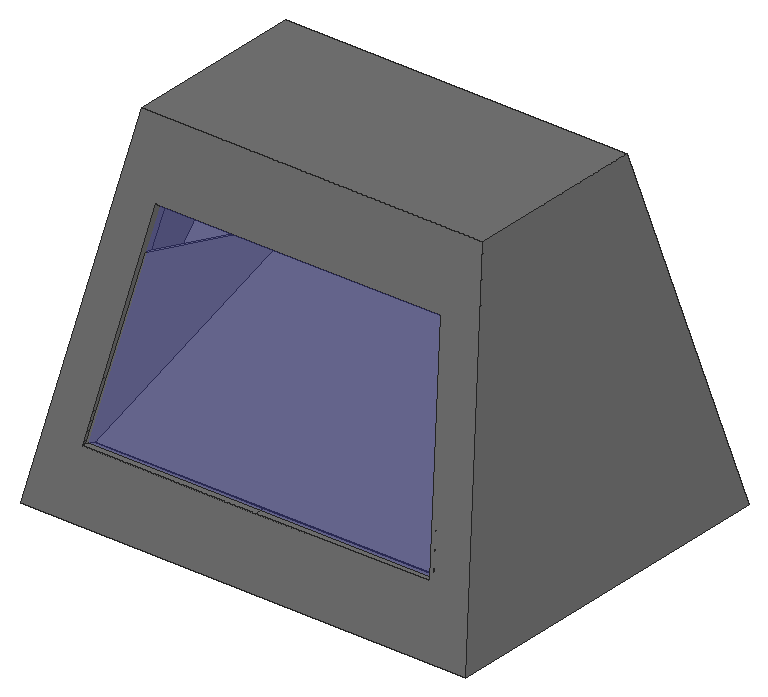
Revit family "77791_HOST_GND", category Lighting Fixtures, host Floor, Revit 2012
Parameters (values of type "Bollard Luminaires")
  Wattage = 1.94558 W
  built-in parameter 1150110 = 1 (stored number, unit not read)
  URL = "www.bega-us.com"
  built-in parameter 1114217 = 1 (stored number, unit not read)
  Tilt Angle = 90.00°
  built-in parameter 1150109 = 1 (stored number, unit not read)
  built-in parameter 1150134 = (empty or 0)
  Telephone = "805.684.0533"
  built-in parameter 1150113 = 1 (stored number, unit not read)
  Photometric Web File = "77791.IES"
  Model = "77791"
  Manufacturer = "BEGA-US"
  built-in parameter 1150105 = 22.998 (stored number, unit not read)
  Lumens = 289 lm
  built-in parameter 1150115 = 1 (stored number, unit not read)
  built-in parameter 1150137 = (empty or 0)
  built-in parameter 1150139 = (empty or 0)
  built-in parameter 1150112 = 1 (stored number, unit not read)
  built-in parameter 1150114 = 1 (stored number, unit not read)
  Lamp = "13.6W LED"
  built-in parameter 1150132 = 2
  built-in parameter 1150102 = (empty or 0)
  built-in parameter 1150107 = 3000 (stored number, unit not read)
  built-in parameter 1150138 = (empty or 0)
  built-in parameter 1150106 = 0.22998 (stored number, unit not read)
  built-in parameter 1150104 = 13.8 (stored number, unit not read)
  Dimming Lamp Color Temperature Shift = <None>
  Description = "On-ground luminaires"
  Color Filter = 16777215
  built-in parameter 1114218 = 1 (stored number, unit not read)
  built-in parameter 1150133 = 10 (stored number, unit not read)
Reference planes (in)
  plane 1 "Center (Front/Back)": y = 0
  plane 2: z = 0
  plane 3 "Center (Left/Right)": x = 0
Dimensions and locks (in)
  equal spacing: host sketch curve, plane 1 "Center (Front/Back)", host sketch curve
  equal spacing: host sketch curve, plane 3 "Center (Left/Right)", host sketch curve
  host sketch curve to host sketch curve = 10' - 0"  (x2)
  aligned and locked: level to plane 2
Nested families (in)
  nested 1: "7791LED" at (0, 0, 0) x (-1, 0, 0) z (0, 0, 1), type "7791LED"
Connectors (in)
  electrical at (0, 0, 0)
    settings: on host floor, index 1, voltage 0 V, apparent load 0 VA, apparent load phase1 0 VA, apparent load phase2 0 VA, apparent load phase3 0 VA, power factor 1, load classification "Other", number of poles 1, system type 31, power factor state 1, is connector primary yes, connector utility no, sub classification motor no, connector description ""
Definition of nested family "7791LED"
  Reference planes (in)
    plane 1 "Center (Front/Back)": y = 0
    plane 2: z = 0
    plane 3 "Center (Left/Right)": x = 0
  Forms (in)
    Blend 1, solid, material "Default"
      base sketch origin (0, 0, 0) x (1, 0, 0) y (0, 1, 0)
        loop
          line (4.5, 3.5625) -> (-4.5, 3.5625) -> (-4.5, -3.5625) -> (4.5, -3.5625) -> (4.5, 3.5625)
      top sketch origin (0, 0, 0) x (1, 0, 0) y (0, 1, 0)
        loop
          line (3.4375, -1.8125) -> (3.4375, 1.8125) -> (-3.4375, 1.8125) -> (-3.4375, -1.8125) -> (3.4375, -1.8125)
      from 0 to 6.75
    Blend 2, void
      base sketch origin (0, 0, 0) x (1, 0, 0) y (0, 1, 0)
        loop
          line (-4.25, -3.3125) -> (4.25, -3.3125) -> (4.25, 3.3125) -> (-4.25, 3.3125) -> (-4.25, -3.3125)
      top sketch origin (0, 0, 0) x (1, 0, 0) y (0, 1, 0)
        loop
          line (-3.1875, -1.5625) -> (3.1875, -1.5625) -> (3.1875, 1.5625) -> (-3.1875, 1.5625) -> (-3.1875, -1.5625)
      from 0.25 to 6.5
    Extrusion 3, void
      sketch origin (0, 0, 0) x (1, 0, 0) y (0, 0, 1)
        loop
          line (0, 1.25) -> (3.5, 1.25) -> (2.875, 5.375) -> (0, 5.375) -> (-2.875, 5.375) -> (-3.5, 1.25) -> (0, 1.25)
      from 0 to -3.5
    Extrusion 4, solid, material "Default"
      sketch origin (0, 0, 0) x (0, 1, 0) y (0, 0, 1)
        loop
          line (0, 4.5) -> (0, 4.43302) -> (2.97, 1.25) -> (3.0325, 1.25) -> (0, 4.5)
      from 3.5 to -3.5
    Extrusion 5, solid, material "Default"
      sketch origin (0, -0.0625, 0) x (1, 0, 0) y (0, 1, 0)
        loop
          line (1.6875, 0) -> (1.72248, 0) -> (3.5, 3.17593) -> (3.5, 3.23843) -> (1.6875, 0)
        loop
          line (-1.6875, 0) -> (-3.5, 3.23843) -> (-3.5, 3.17593) -> (-1.72248, 0) -> (-1.6875, 0)
      from 4.5 to 1.25
    Extrusion 6, void
      sketch origin (0, 0, 0) x (0, 1, 0) y (0, 0, 1)
        loop
          line (1.8125, 6.75) -> (3.5625, 0) -> (3.5625, 6.75) -> (1.8125, 6.75)
      from 3.5 to -3.5
    Extrusion 7, solid, material "Glass"
      sketch origin (0, 0, 0) x (0, 1, 0) y (0, 0, 1)
        loop
          line (2.02324, 5.375) -> (1.8775, 5.375) -> (3.0325, 1.25) -> (3.13546, 1.25) -> (2.02324, 5.375)
      from 3.5 to -3.5
  Cuts and joins
    Blend 2, Extrusion 3, Extrusion 6 cuts Blend 1
    Extrusion 6 cuts Extrusion 5
    joined: Blend 1, Extrusion 5
  Dimensions and locks (in)
    aligned and locked: plane 2 to level
